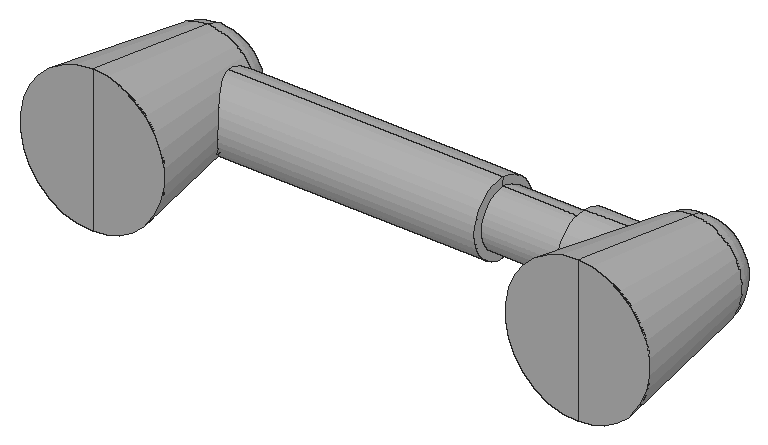
Revit family "AV6000001_Kit por 6 Accesorios Aluvia (Portarrollos)", category Plumbing Fixtures, Revit 2019
Family settings
  Round Connector Dimension = Use Diameter
  Part Type = Normal
  OmniClass Number = 23.19.25.13.21.17
  Work Plane-Based = No
  Always vertical = Yes
  Cut with Voids When Loaded = No
  Shared = No
  Room Calculation Point = No
Parameters
  Uso = "Residencial"  # constant formula
  URL = "https://corona.co/productos/accesorios/kit-por-6-accesorios-aluvia/p/AV6000001"
  Resistencia = "Resistente a la corrosión pelado y decoloración por agua, Resistencia al peso general hasta 9 kg, Resistencia al peso del toallero barra hasta 23 kg"  # constant formula
  Número de piezas = "6"  # constant formula
  Materiales = "Cromado"  # constant formula
  Material = Corona_Cromo
  Línea = "Torino"  # constant formula
  Garantías de otros componentes = "2 años en acabados"  # constant formula
  Garantía = "30 años en estructura"  # constant formula
  Fecha de creación = "14/08/2020"  # constant formula
  Description = "Las líneas y formas suaves de los accesorios Aluvia están inspiradas en la erosión aluvial y se convierten en la mejor manera de modernizar el baño, manteniendo una sensación natural y relajada. ¡Descubre más de este kit!"  # constant formula
  Creado por = "IDD"  # constant formula
  Componentes = "Percha, Toallero, Jabonera, Barra, Cepillera, Portarrollo"  # constant formula
  Colección = "Gama Media 2010"  # constant formula
  Acabado = "Cromado"  # constant formula
Reference planes
  plane 1 "Center (Front/Back)": y = 0
  plane 2: z = 0
  plane 3 "Center (Left/Right)": x = 0
Forms (mm)
  Extrusion 1, solid, material "Corona_Cromo" <- "Material", detail levels coarse
    sketch origin (0, 0, 0) x (1, 0, 0) y (0, 1, 0)
      loop
        line (-102.895, 0) -> (105, 0) -> (105, 60) -> (-102.895, 60) -> (-102.895, 0)
    from -28.233 to 20.065
  Revolve 2, solid, material "Corona_Cromo" <- "Material", detail levels medium+fine
    sketch origin (81.122, 3.898, -3.731) x (0, 1, 0) y (0, 0, 1)
      loop
        line (-3.898, 0) -> (55, 0)
        arc (55, 0) -> (54.443, 5.704) -> (51.998, 10.887) r 16.778
        arc (51.998, 10.887) -> (48.272, 14.418) -> (43.464, 16.22) r 12.923
        line (43.464, 16.22) -> (-3.898, 23.796) -> (-3.898, 0)
      axis (55, 0) -> (-3.898, 0)
    angle from 0 to 360
  Revolve 3, solid, material "Corona_Cromo" <- "Material", detail levels medium+fine
    sketch origin (-261.421, 38.898, -705.272) x (1, 0, 0) y (0, 0, 1)
      loop
        line (333.911, 701.062) -> (333.911, 712.937) -> (313.911, 712.937) -> (313.911, 710.271) -> (287.013, 710.271) -> (287.013, 712.937) -> (192.013, 712.937) -> (192.013, 701.062) -> (333.911, 701.062)
      axis (192.013, 701.062) -> (333.911, 701.062)
    angle from 0 to 360
  Revolve 4, solid, material "Corona_Cromo" <- "Material", detail levels medium+fine
    sketch origin (-78.276, 3.898, -3.731) x (0, 1, 0) y (0, 0, 1)
      loop
        line (-3.898, 0) -> (55, 0)
        arc (55, 0) -> (54.443, 5.704) -> (51.998, 10.887) r 16.778
        arc (51.998, 10.887) -> (48.272, 14.418) -> (43.464, 16.22) r 12.923
        line (43.464, 16.22) -> (-3.898, 23.796) -> (-3.898, 0)
      axis (55, 0) -> (-3.898, 0)
    angle from 0 to 360
Dimensions and locks
  aligned and locked: level to plane 2
